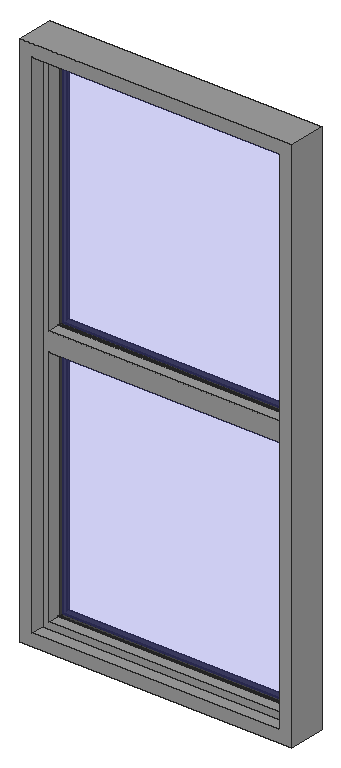
Revit family "SS_5_LAP FX004_v02", category Windows, host Wall, Revit 2015
Parameters
  Wall Thickness [instance] = 0' - 6"
  URL = "obe.com"
  Transom Height = 3' - 0"
  Rough Width = Width + 0' 0 1/2"  # 3' - 0 1/2"
  Rough Height = Height + 0' 0 1/2"  # 6' - 0 1/2"
  Offset Limitation [instance] = if((Offset + 0' 5") > Wall Thickness, (Wall Thickness - 0' 5"), Offset)  # 0' - 0"
  Offset [instance] = 0' - 0"
  Model = "SS_5_LAP FX004"
  Manufacturer = "Oldcastle BuildingEnvelope®"
  Keynote = "08 51 00"
  Height = Fixed Height + Transom Height  # 6' - 0"
  Glass Material = Glass
  Gasket Material = Gasket
  Frame Material = Aluminum
  Fixed Height = 3' - 0"
  Description = "SIGNATURE SERIES 5 LAP"
  Default Sill Height = 3' - 0"
  Wall Closure = By host
  Width = 3' - 0"
  Assembly Code = "B2020"
  Analytic Construction = "<None>"
Reference planes (in)
  plane 1 "Center (Front/Back)": y = 0
  plane 2: z = 0
  plane 3 "Center (Left/Right)": x = 0
  plane 4 "Left": x = -18.25
  plane 5 "Right": x = 18.25
  plane 6 "Sill": z = 36
  plane 7 "Top": z = 108.5
  plane 8 "Offset": y = 3
  plane 9: x = 18
  plane 10: z = 108.25
  plane 11: x = -18
  plane 12: z = 36.25
  plane 13 "Center": z = 72.25
  plane 14: z = 71.625
  plane 15: z = 37.875
  plane 16: z = 106.625
  plane 17: z = 72.875
Forms (in)
  Sweep 1, solid, material "Aluminum" <- "Frame Material"
    path origin (0, 3, 0) x (1, 0, 0) y (0, 0, 1)
      loop
        line (18, 108.5) -> (18, 36)
    profile origin (18, 3, 72.25) x (0, -1, 0) y (1, 0, 0)
      loop
        line (0, 0.25) -> (0, -2.25) -> (0.174, -2.25) -> (0.174, -1.625) -> (1.499, -1.625) -> (1.499, -2.25006) -> (3.24091, -2.25006) -> (3.24091, -1.375) -> (5.00003, -1.375) -> (5.00003, 0.25) -> (0, 0.25)
  Sweep 2, solid, material "Aluminum" <- "Frame Material"
    path origin (0, 3, 0) x (-1, 0, 0) y (0, 0, 1)
      loop
        line (18, 108.5) -> (18, 36)
    profile origin (-18, 3, 72.25) x (0, -1, 0) y (1, 0, 0)
      loop
        line (0, -0.25) -> (5.00003, -0.25) -> (5.00003, 1.375) -> (3.24091, 1.375) -> (3.24091, 2.25006) -> (1.499, 2.25006) -> (1.499, 1.625) -> (0.174, 1.625) -> (0.174, 2.25) -> (0, 2.25) -> (0, -0.25)
  Sweep 3, solid, material "Aluminum" <- "Frame Material"
    path origin (0, 3, 0) x (1, 0, 0) y (0, 0, 1)
      loop
        line (18.25, 108.25) -> (-18.25, 108.25)
    profile origin (0, 3, 108.25) x (0, 0, -1) y (0, -1, 0)
      loop
        line (-0.25, 5.00003) -> (-0.25, 0) -> (2.25006, 0) -> (2.25006, 0.174) -> (1.625, 0.174) -> (1.625, 1.49897) -> (2.25006, 1.49897) -> (2.25006, 3.24091) -> (1.375, 3.24091) -> (1.375, 5.00003) -> (-0.25, 5.00003)
  Sweep 4, solid, material "Aluminum" <- "Frame Material"
    path origin (0, 3, 133.29344) x (1, 0, 0) y (0, 0, -1)
      loop
        line (18.25, 97.04344) -> (-18.25, 97.04344)
    profile origin (0, 3, 36.25) x (0, 0, -1) y (0, -1, 0)
      loop
        line (0.25, 5.00003) -> (-1.375, 5.00003) -> (-1.375, 3.24091) -> (-2.25006, 3.24091) -> (-2.25006, 1.499) -> (-1.625, 1.499) -> (-1.625, 0.174) -> (-2.25006, 0.174) -> (-2.25006, 0) -> (0.25, 0) -> (0.25, 5.00003)
  Sweep 5, solid, material "Aluminum" <- "Frame Material"
    path origin (0, 3, 0) x (1, 0, 0) y (0, 0, 1)
      loop
        line (18.25, 72.25) -> (-18.25, 72.25)
    profile origin (0, 3, 72.25) x (0, 0, -1) y (0, -1, 0)
      loop
        line (-1.25, 0) -> (1.25, 0) -> (1.25, 0.17397) -> (0.625, 0.17397) -> (0.625, 1.49948) -> (1.25006, 1.49948) -> (1.25006, 3.24091) -> (-1.25, 3.24091) -> (-1.25, 1.49948) -> (-0.625, 1.49948) -> (-0.625, 0.17397) -> (-1.25, 0.17397) -> (-1.25, 0)
  Extrusion 6, solid, material "Glass" <- "Glass Material"
    sketch origin (0, 0, 36) x (0, -1, 0) y (1, 0, 0)
      loop
        line (-2.701, -16.375) -> (-1.701, -16.375) -> (-1.701, 16.375) -> (-2.701, 16.375) -> (-2.701, -16.375)
    from 1.875 to 35.625
  Extrusion 7, solid, material "Glass" <- "Glass Material"
    sketch origin (0, -2.25, 36) x (0, -1, 0) y (1, 0, 0)
      loop
        line (-4.951, -16.375) -> (-3.951, -16.375) -> (-3.951, 16.375) -> (-4.951, 16.375) -> (-4.951, -16.375)
    from 36.875 to 70.625
  Sweep 8, solid, material "Gasket" <- "Gasket Material", detail levels fine
    path origin (0, 3, 0) x (1, 0, 0) y (0, 0, 1)
      loop
        line (15.75, 105.99994) -> (-15.75, 105.99994) -> (-15.75, 73.5) -> (15.75, 73.5) -> (15.75, 105.99994)
    profile origin (0, 3, 105.99994) x (0, 0, -1) y (0, -1, 0)
      loop
        line (-0.34098, 0.299) -> (-0.34098, 0.174) -> (0.01378, 0.174) -> (0.01378, 0.02497) -> (0.05121, 0.03641) -> (0.15423, 0.299) -> (-0.34098, 0.299)
  Sweep 9, solid, material "Gasket" <- "Gasket Material", detail levels fine
    path origin (0, 3, -23) x (1, 0, 0) y (0, 0, 1)
      loop
        line (15.75, 94) -> (-15.75, 94) -> (-15.75, 61.50006) -> (15.75, 61.50006) -> (15.75, 94)
    profile origin (0, 3, 71) x (0, 0, -1) y (0, -1, 0)
      loop
        line (-0.34098, 0.299) -> (-0.34098, 0.174) -> (0.01378, 0.174) -> (0.01378, 0.02497) -> (0.05121, 0.03641) -> (0.15423, 0.299) -> (-0.34098, 0.299)
  Sweep 10, solid, material "Gasket" <- "Gasket Material", detail levels fine
    path origin (0, 3, 0) x (1, 0, 0) y (0, 0, 1)
      loop
        line (15.75, 105.99994) -> (-15.75, 105.99994) -> (-15.75, 73.5) -> (15.75, 73.5) -> (15.75, 105.99994)
    profile origin (0, 3, 105.99994) x (0, 0, -1) y (0, -1, 0)
      loop
        line (0.12494, 1.299) -> (0.04556, 1.55864)
        arc (0.04556, 1.55864) -> (0.02751, 1.57941) -> (0, 1.57989) r 0.03383
        line (0, 1.57989) -> (0.0121, 1.49899) -> (-0.16139, 1.49899) -> (-0.23211, 1.41166) -> (-0.3223, 1.33862)
        arc (-0.3223, 1.33862) -> (-0.33387, 1.32047) -> (-0.33218, 1.299) r 0.03393
        line (-0.33218, 1.299) -> (0.12494, 1.299)
  Sweep 11, solid, material "Gasket" <- "Gasket Material", detail levels fine
    path origin (0, 3, -24) x (1, 0, 0) y (0, 0, 1)
      loop
        line (15.75, 95) -> (-15.75, 95) -> (-15.75, 62.50006) -> (15.75, 62.50006) -> (15.75, 95)
    profile origin (0, 3, 71) x (0, 0, -1) y (0, -1, 0)
      loop
        line (0.12494, 1.299) -> (0.04556, 1.55864)
        arc (0.04556, 1.55864) -> (0.02751, 1.57941) -> (0, 1.57989) r 0.03383
        line (0, 1.57989) -> (0.0121, 1.49899) -> (-0.16139, 1.49899) -> (-0.23211, 1.41166) -> (-0.3223, 1.33862)
        arc (-0.3223, 1.33862) -> (-0.33387, 1.32047) -> (-0.33218, 1.299) r 0.03393
        line (-0.33218, 1.299) -> (0.12494, 1.299)
Cuts and joins
  joined: Sweep 1, Sweep 2, Sweep 3, Sweep 4, Sweep 5
Lines and regions (in)
  Opening 1
    outline origin (-60, -3, 0) x (1, 0, 0) y (0, 0, 1)
      loop
        line (41.75, 108.5) -> (41.75, 36) -> (78.25, 36) -> (78.25, 108.5) -> (41.75, 108.5)
Text (in)
  text "EXTERIOR" at (-58.6888, 50.90694, 0), in view "Ref. Level"
  text "INTERIOR" at (-58.6888, -37.76638, 0), in view "Ref. Level"
  text "Exterior" at (0, 43.65631, 123.19604), in view "Left"
  text "Exterior" at (0, 18.29385, 125.04747), in view "Right"
  text "Min Size\n\n14\" width x 14\" height\n\n\n\nMax Size\n\n99\" x 99\"\n\n\n\nMax Area\n\n40 square feet" at (92.37004, 66.24655, 0), in view "Ref. Level"
Dimensions and locks (in)
  equal spacing: plane 4 "Left", plane 3 "Center (Left/Right)", plane 5 "Right"
  "Rough Width": plane 4 "Left" to plane 5 "Right"
  "Default Sill Height": plane 2 to plane 6 "Sill"
  "Offset Limitation": plane 8 "Offset" to host wall
  "Wall Thickness": host wall to host wall
  locked: plane 9 to plane 5 "Right" at 0.25
  locked: plane 6 "Sill" to plane 12 at 0.25
  "Fixed Height": plane 12 to plane 13 "Center"
  "Transom Height": plane 13 "Center" to plane 10
  "Rough Height": plane 6 "Sill" to plane 7 "Top"
  "Width": plane 11 to plane 9
  plane 8 "Offset" to Extrusion 6 sketch curve to Extrusion 6 sketch curve = 0' - 0.299" locked, 0' - 1" locked
  plane 17 to plane 13 "Center" to plane 14 = 0' - 0 5/8" locked, 0' - 0 5/8" locked
  locked: plane 12 to plane 15 at 1.625
  plane 8 "Offset" to Extrusion 7 sketch curve to Extrusion 7 sketch curve = 0' - 0.299" locked, 0' - 1" locked
  locked: plane 10 to plane 16 at 1.625
  aligned and locked: plane 7 "Top" to Opening 1 sketch curve
  aligned and locked: plane 6 "Sill" to Opening 1 sketch curve  (x2)
  aligned and locked: plane 5 "Right" to Opening 1 sketch curve
  aligned and locked: plane 4 "Left" to Opening 1 sketch curve
  aligned and locked: level to plane 2
  aligned and locked: nested 2 to plane 12
  aligned and locked: plane 6 "Sill" to Sweep 1 sketch curve
  aligned and locked: Sweep 1 sketch curve to plane 9
  aligned and locked: plane 7 "Top" to Sweep 1 sketch curve
  aligned and locked: plane 7 "Top" to Sweep 2 sketch curve
  aligned and locked: Sweep 2 sketch curve to plane 11
  aligned and locked: plane 6 "Sill" to Sweep 2 sketch curve
  aligned and locked: plane 5 "Right" to Sweep 3 sketch curve
  aligned and locked: plane 10 to Sweep 3 sketch curve
  aligned and locked: plane 4 "Left" to Sweep 3 sketch curve
  aligned and locked: plane 4 "Left" to Sweep 4 sketch curve
  aligned and locked: plane 12 to Sweep 4 sketch curve
  aligned and locked: plane 5 "Right" to Sweep 4 sketch curve
  aligned and locked: plane 5 "Right" to Sweep 5 sketch curve
  aligned and locked: plane 4 "Left" to Sweep 5 sketch curve
  aligned and locked: plane 13 "Center" to Sweep 5 sketch curve
  aligned and locked: Extrusion 6 to plane 15
  aligned and locked: plane 14 to Extrusion 6
  aligned and locked: Extrusion 7 to plane 17
  aligned and locked: plane 16 to Extrusion 7
  aligned and locked: cut or joined group of Sweep 1, Sweep 2, Sweep 3, Sweep 4, Sweep 5 to Sweep 8 sketch curve
  aligned and locked: Sweep 8 sketch curve to cut or joined group of Sweep 1, Sweep 2, Sweep 3, Sweep 4, Sweep 5  (x3)
  aligned and locked: cut or joined group of Sweep 1, Sweep 2, Sweep 3, Sweep 4, Sweep 5 to Sweep 9 sketch curve  (x2)
  aligned and locked: Sweep 9 sketch curve to cut or joined group of Sweep 1, Sweep 2, Sweep 3, Sweep 4, Sweep 5  (x2)
  aligned and locked: cut or joined group of Sweep 1, Sweep 2, Sweep 3, Sweep 4, Sweep 5 to Sweep 10 sketch curve
  aligned and locked: Sweep 10 sketch curve to cut or joined group of Sweep 1, Sweep 2, Sweep 3, Sweep 4, Sweep 5  (x3)
  aligned and locked: cut or joined group of Sweep 1, Sweep 2, Sweep 3, Sweep 4, Sweep 5 to Sweep 11 sketch curve  (x2)
  aligned and locked: Sweep 11 sketch curve to cut or joined group of Sweep 1, Sweep 2, Sweep 3, Sweep 4, Sweep 5  (x2)
  aligned and locked: nested 1 to plane 12
  aligned and locked: plane 3 "Center (Left/Right)" to nested 1
  aligned and locked: plane 8 "Offset" to nested 1
  aligned and locked: plane 3 "Center (Left/Right)" to nested 2
  aligned and locked: plane 8 "Offset" to nested 2
Automatic sketch dimensions
  plane 8 "Offset" to Sweep 1 sketch curve = 0' - 0"
  plane 8 "Offset" to Sweep 1 sketch curve = 0' - 0.174"
  Sweep 1 sketch curve to Sweep 1 sketch curve = 0' - 1.325"
  Sweep 1 sketch curve to Sweep 1 sketch curve = 0' - 1.74191"
  Sweep 1 sketch curve to profile plane = 0' - 0 1/4"
  Sweep 1 sketch curve to Sweep 1 sketch curve = 0' - 1.75912"
  profile plane to Sweep 1 sketch curve = 0' - 1 3/8"
  profile plane to Sweep 1 sketch curve = 0' - 1 5/8"
  Sweep 1 sketch curve to Sweep 1 sketch curve = 0' - 0 5/8"
  Sweep 1 sketch curve to Sweep 1 sketch curve = 0' - 0.87506"
  plane 8 "Offset" to Sweep 2 sketch curve = 0' - 0"
  plane 8 "Offset" to Sweep 2 sketch curve = 0' - 0.174"
  Sweep 2 sketch curve to Sweep 2 sketch curve = 0' - 1.325"
  Sweep 2 sketch curve to Sweep 2 sketch curve = 0' - 1.74191"
  profile plane to Sweep 2 sketch curve = 0' - 0 1/4"
  Sweep 2 sketch curve to Sweep 2 sketch curve = 0' - 1.75912"
  Sweep 2 sketch curve to profile plane = 0' - 1 3/8"
  Sweep 2 sketch curve to profile plane = 0' - 1 5/8"
  Sweep 2 sketch curve to Sweep 2 sketch curve = 0' - 0 5/8"
  Sweep 2 sketch curve to Sweep 2 sketch curve = 0' - 0.62506"
  Sweep 3 sketch curve to plane 8 "Offset" = 0' - 0"
  profile plane to Sweep 3 sketch curve = 0' - 0 1/4"
  Sweep 3 sketch curve to profile plane = 0' - 1 3/8"
  plane 8 "Offset" to Sweep 3 sketch curve = 0' - 0.174"
  Sweep 3 sketch curve to profile plane = 0' - 1 5/8"
  Sweep 3 sketch curve to Sweep 3 sketch curve = 0' - 0.87506"
  Sweep 3 sketch curve to Sweep 3 sketch curve = 0' - 0.62506"
  Sweep 3 sketch curve to Sweep 3 sketch curve = 0' - 1.32498"
  Sweep 3 sketch curve to Sweep 3 sketch curve = 0' - 1.74194"
  Sweep 3 sketch curve to Sweep 3 sketch curve = 0' - 1.75912"
  Sweep 4 sketch curve to plane 8 "Offset" = 0' - 0"
  profile plane to Sweep 4 sketch curve = 0' - 2.25006"  (x2)
  plane 8 "Offset" to Sweep 4 sketch curve = 0' - 0.174"
  Sweep 4 sketch curve to Sweep 4 sketch curve = 0' - 0.62506"
  profile plane to Sweep 4 sketch curve = 0' - 1 3/8"
  Sweep 4 sketch curve to profile plane = 0' - 0 1/4"
  Sweep 4 sketch curve to Sweep 4 sketch curve = 0' - 1.325"
  Sweep 4 sketch curve to Sweep 4 sketch curve = 0' - 1.74191"
  Sweep 4 sketch curve to Sweep 4 sketch curve = 0' - 1.75912"
  Sweep 5 sketch curve to plane 8 "Offset" = 0' - 0"
  profile plane to Sweep 5 sketch curve = 0' - 1 1/4"  (x2)
  Sweep 5 sketch curve to Sweep 5 sketch curve = 0' - 0 5/8"  (x2)
  plane 8 "Offset" to Sweep 5 sketch curve = 0' - 0.17397"
  Sweep 5 sketch curve to profile plane = 0' - 0 5/8"
  Sweep 5 sketch curve to Sweep 5 sketch curve = 0' - 0.62506"
  Sweep 5 sketch curve to Sweep 5 sketch curve = 0' - 0.17397"
  Sweep 5 sketch curve to Sweep 5 sketch curve = 0' - 1.32552"
  Sweep 5 sketch curve to Sweep 5 sketch curve = 0' - 0"
  Sweep 5 sketch curve to Sweep 5 sketch curve = 0' - 1.74143"
  Extrusion 6 sketch curve to plane 11 = 0' - 1 5/8"
  plane 9 to Extrusion 6 sketch curve = 0' - 1 5/8"
  Extrusion 7 sketch curve to plane 11 = 0' - 1 5/8"
  plane 9 to Extrusion 7 sketch curve = 0' - 1 5/8"
  profile plane to Sweep 8 sketch curve = 0' - 0.34098"
  Sweep 8 sketch curve to profile plane = 0' - 0.01378"
  Sweep 8 sketch curve to Sweep 8 sketch curve = 0' - 0.03743"
  Sweep 8 sketch curve to profile plane = 0' - 0.15423"
  plane 8 "Offset" to Sweep 8 sketch curve = 0' - 0.02497"
  plane 8 "Offset" to Sweep 8 sketch curve = 0' - 0.03641"
  plane 8 "Offset" to Sweep 8 sketch curve = 0' - 0.174"
  Sweep 8 sketch curve to Sweep 8 sketch curve = 0' - 0 1/8"
  profile plane to Sweep 9 sketch curve = 0' - 0.34098"
  Sweep 9 sketch curve to profile plane = 0' - 0.01378"
  Sweep 9 sketch curve to Sweep 9 sketch curve = 0' - 0.03743"
  Sweep 9 sketch curve to profile plane = 0' - 0.15423"
  plane 8 "Offset" to Sweep 9 sketch curve = 0' - 0.02497"
  plane 8 "Offset" to Sweep 9 sketch curve = 0' - 0.03641"
  plane 8 "Offset" to Sweep 9 sketch curve = 0' - 0.174"
  Sweep 9 sketch curve to Sweep 9 sketch curve = 0' - 0 1/8"
  Sweep 10 sketch curve to profile plane = 0' - 0"
  profile plane to Sweep 10 sketch curve = 0' - 0.16139"
  Sweep 10 sketch curve to Sweep 10 sketch curve = 0' - 0.07072"
  Sweep 10 sketch curve to Sweep 10 sketch curve = 0' - 0.06884"
  Sweep 10 sketch curve to Sweep 10 sketch curve = 0' - 0.02135"
  Sweep 10 sketch curve to Sweep 10 sketch curve = 0' - 0 1/32"
  Sweep 10 sketch curve to profile plane = 0' - 0.0121"
  Sweep 10 sketch curve to profile plane = 0' - 0.01322"
  Sweep 10 sketch curve to Sweep 10 sketch curve = 0' - 0.03235"
  Sweep 10 sketch curve to profile plane = 0' - 0.12494"
  plane 8 "Offset" to Sweep 10 sketch curve = 0' - 1.299"
  Sweep 10 sketch curve to Sweep 10 sketch curve = 0' - 0.01326"
  Sweep 10 sketch curve to Sweep 10 sketch curve = 0' - 0.07303"
  Sweep 10 sketch curve to Sweep 10 sketch curve = 0' - 0.19999"
  Sweep 10 sketch curve to Sweep 10 sketch curve = 0' - 0.04976"
  Sweep 10 sketch curve to Sweep 10 sketch curve = 0' - 0.00989"
  Sweep 11 sketch curve to profile plane = 0' - 0"
  profile plane to Sweep 11 sketch curve = 0' - 0.16139"
  Sweep 11 sketch curve to Sweep 11 sketch curve = 0' - 0.07072"
  Sweep 11 sketch curve to Sweep 11 sketch curve = 0' - 0.06884"
  Sweep 11 sketch curve to Sweep 11 sketch curve = 0' - 0.02135"
  Sweep 11 sketch curve to Sweep 11 sketch curve = 0' - 0 1/32"
  Sweep 11 sketch curve to profile plane = 0' - 0.0121"
  Sweep 11 sketch curve to profile plane = 0' - 0.01322"
  Sweep 11 sketch curve to Sweep 11 sketch curve = 0' - 0.03235"
  Sweep 11 sketch curve to profile plane = 0' - 0.12494"
  plane 8 "Offset" to Sweep 11 sketch curve = 0' - 1.299"
  Sweep 11 sketch curve to Sweep 11 sketch curve = 0' - 0.01326"
  Sweep 11 sketch curve to Sweep 11 sketch curve = 0' - 0.07303"
  Sweep 11 sketch curve to Sweep 11 sketch curve = 0' - 0.19999"
  Sweep 11 sketch curve to Sweep 11 sketch curve = 0' - 0.04976"
  Sweep 11 sketch curve to Sweep 11 sketch curve = 0' - 0.00989"
Nested families (in)
  nested 1: "S-5000 LAP-Plan View" at (0, 3, 0.25), Default Sill Height <- "Default Sill Height", Height <- "Height", Width <- "Width", type "S-5000 LAP-Plan View"
    with Width 3' - 0", Height 6' - 0", Default Sill Height 3' - 0"
  nested 2: "S-5000 LAP-Section Fixed" at (0, 3, 0.25), Default Sill Height <- "Default Sill Height", Fixed Height <- "Fixed Height", Transom Height <- "Transom Height", Width <- "Width", type "S-5000 LAP-Section Fixed"
    with Width 3' - 0", Transom Height 3' - 0", Fixed Height 3' - 0", Default Sill Height 3' - 0"
Definition of nested family "S-5000 LAP-Plan View"
  Parameters (values of type "S-5000 LAP-Plan View")
    Width [instance] = 2' - 0"
    Height [instance] = 4' - 0"
    Default Sill Height [instance] = 3' - 0"
    Analytic Construction = "<None>"
  Reference planes (in)
    plane 1 "Center (Front/Back)": y = 0
    plane 2: z = 0
    plane 3 "Center (Left/Right)": x = 0
    plane 4: z = 36
  Lines and regions (in)
    model lines, not visible
      curve 1: line (0, 0, 84) -> (0, 0, 36)
  Dimensions and locks (in)
    "Default Sill Height": plane 4 to plane 2
    "Height": curve 1 to plane 4
    aligned and locked: plane 2 to level
    aligned and locked: plane 3 "Center (Left/Right)" to nested 1
    aligned and locked: plane 1 "Center (Front/Back)" to nested 1
    aligned and locked: plane 4 to curve 1
    aligned and locked: curve 1 to plane 1 "Center (Front/Back)"
  Nested families (in)
    nested 1: "S-5000 LAP-Plan View" at (-12, 0, 0), Width <- "Width", type "S-5000 LAP-Plan View"
      with Width 2' - 0"
  Definition of nested family "S-5000 LAP-Plan View"
    Parameters (values of type "S-5000 LAP-Plan View")
      Width [instance] = 2' - 0"
    Reference planes (in)
      plane 1 "Center (Front/Back)": y = 0
      plane 2: z = 0
      plane 3 "C": x = 0
      plane 4: x = 24
      plane 5: x = 22.375
      plane 6: x = 1.625
      plane 7 "Center (Left/Right)": x = 12
    Lines and regions (in)
      detail lines, in view "Ref. Level"
        curve 1: line (1.625, -0.299, 0) -> (22.375, -0.299, 0)
        curve 2: line (1.625, -1.299, 0) -> (22.375, -1.299, 0)
    Dimensions and locks (in)
      "Width": plane 3 "C" to plane 4
      locked: plane 3 "C" to plane 6 at 1.625
      locked: plane 5 to plane 4 at 1.625
      equal spacing: plane 3 "C", plane 7 "Center (Left/Right)", plane 4
      aligned and locked: nested 2 to plane 3 "C"
      aligned and locked: nested 1 to plane 4
      aligned and locked: nested 1 to plane 1 "Center (Front/Back)"
      aligned and locked: nested 2 to plane 1 "Center (Front/Back)"
      aligned and locked: plane 6 to curve 1
      aligned and locked: plane 6 to curve 2
      aligned and locked: plane 5 to curve 1
      aligned and locked: plane 5 to curve 2
    Automatic sketch dimensions
      plane 1 "Center (Front/Back)" to curve 2 = 0' - 1.299"
      plane 1 "Center (Front/Back)" to curve 1 = 0' - 0.299"
    Nested families (in)
      nested 1: "S-5000 LAP-JAMB L" at (24, 0, 0) x (-1, 0, 0) z (0, 0, 1), type "S-5000 LAP-JAMB L", in view "Ref. Level"
      nested 2: "S-5000 LAP-JAMB R" at (0, 0, 0) x (-1, 0, 0) z (0, 0, 1), type "S-5000 LAP-JAMB R", in view "Ref. Level"
    Definition of nested family "S-5000 LAP-JAMB L"
      Reference planes (in)
        plane 1 "Center (Front/Back)": y = 0
        plane 2: z = 0
        plane 3 "Center (Left/Right)": x = 0
      Lines and regions (in)
        detail lines, in view "Ref. Level"
          curve 1: line (1.375, 5.00003, 0) -> (-0.25, 5.00003, 0)
          curve 2: line (-0.25, 5.00003, 0) -> (-0.25, 4.92003, 0)
          curve 3: line (-0.25, 4.92003, 0) -> (-0.25, 4.55254, 0)
          curve 4: line (-0.25, 4.55254, 0) -> (-0.25, 3.27003, 0)
          curve 5: line (-0.25, 3.27003, 0) -> (-0.25, 2.89368, 0)
          curve 6: line (-0.25, 2.89368, 0) -> (-0.25, 2.45303, 0)
          curve 7: line (-0.25, 2.45303, 0) -> (-0.25, 0.79697, 0)
          curve 8: line (-0.25, 0.79697, 0) -> (-0.25, 0.20716, 0)
          curve 9: line (-0.25, 0.20716, 0) -> (-0.25, 0.08, 0)
          curve 10: line (-0.25, 0.08, 0) -> (-0.25, 0, 0)
          curve 11: line (-0.25, 0, 0) -> (2.25, 0, 0)
          curve 12: line (2.25, 0, 0) -> (2.25, 0.299, 0)
          curve 13: line (2.25, 0.299, 0) -> (1.625, 0.299, 0)
          curve 14: line (1.625, 0.299, 0) -> (1.625, 1.299, 0)
          curve 15: line (1.625, 1.299, 0) -> (2.25006, 1.299, 0)
          curve 16: line (2.25006, 1.299, 0) -> (2.25006, 3.24091, 0)
          curve 17: line (2.25006, 3.24091, 0) -> (1.375, 3.24091, 0)
          curve 18: line (1.375, 3.24091, 0) -> (1.375, 5.00003, 0)
    Definition of nested family "S-5000 LAP-JAMB R"
      Reference planes (in)
        plane 1 "Center (Front/Back)": y = 0
        plane 2: z = 0
        plane 3 "Center (Left/Right)": x = 0
      Lines and regions (in)
        detail lines, in view "Ref. Level"
          curve 1: line (-1.375, 5.00003, 0) -> (0.25, 5.00003, 0)
          curve 2: line (0.25, 5.00003, 0) -> (0.25, 4.92003, 0)
          curve 3: line (0.25, 4.92003, 0) -> (0.25, 4.55254, 0)
          curve 4: line (0.25, 4.55254, 0) -> (0.25, 3.27003, 0)
          curve 5: line (0.25, 3.27003, 0) -> (0.25, 2.89368, 0)
          curve 6: line (0.25, 2.89368, 0) -> (0.25, 2.45303, 0)
          curve 7: line (0.25, 2.45303, 0) -> (0.25, 0.79697, 0)
          curve 8: line (0.25, 0.79697, 0) -> (0.25, 0.20716, 0)
          curve 9: line (0.25, 0.20716, 0) -> (0.25, 0.08, 0)
          curve 10: line (0.25, 0.08, 0) -> (0.25, 0, 0)
          curve 11: line (0.25, 0, 0) -> (-2.25, 0, 0)
          curve 12: line (-2.25, 0, 0) -> (-2.25, 0.299, 0)
          curve 13: line (-2.25, 0.299, 0) -> (-1.625, 0.299, 0)
          curve 14: line (-1.625, 0.299, 0) -> (-1.625, 1.299, 0)
          curve 15: line (-1.625, 1.299, 0) -> (-2.25006, 1.299, 0)
          curve 16: line (-2.25006, 1.299, 0) -> (-2.25006, 3.24091, 0)
          curve 17: line (-2.25006, 3.24091, 0) -> (-1.375, 3.24091, 0)
          curve 18: line (-1.375, 3.24091, 0) -> (-1.375, 5.00003, 0)
Definition of nested family "S-5000 LAP-Section Fixed"
  Parameters (values of type "S-5000 LAP-Section Fixed")
    Width [instance] = 2' - 0"
    Transom Height [instance] = 2' - 0"
    Fixed Height [instance] = 3' - 0"
    Default Sill Height [instance] = 3' - 0"
    Analytic Construction = "<None>"
  Reference planes (in)
    plane 1 "Center (Front/Back)": y = 0
    plane 2: z = 0
    plane 3 "Center (Left/Right)": x = 0
    plane 4: z = 36
  Lines and regions (in)
    model lines, not visible
      curve 1: line (-12, 0, 0) -> (12, 0, 0)
  Dimensions and locks (in)
    equal spacing: curve 1, plane 3 "Center (Left/Right)", curve 1
    "Width": curve 1 to curve 1
    "Default Sill Height": plane 4 to plane 2
    aligned and locked: plane 2 to level
    aligned and locked: plane 1 "Center (Front/Back)" to curve 1
    aligned and locked: plane 4 to nested 1
    aligned and locked: nested 1 to plane 1 "Center (Front/Back)"
  Nested families (in)
    nested 1: "S-5000 LAP-Section Fixed" at (0, 0, 36) x (0, -1, 0) z (1, 0, 0), Fixed Height <- "Fixed Height", Transom Height <- "Transom Height", type "S-5000 LAP-Section Fixed"
      with Transom Height 2' - 0", Fixed Height 3' - 0"
  Definition of nested family "S-5000 LAP-Section Fixed"
    Parameters (values of type "S-5000 LAP-Section Fixed")
      Transom Height [instance] = 2' - 0"
      Fixed Height [instance] = 3' - 0"
    Reference planes (in)
      plane 1 "Center (Front/Back)": y = 0
      plane 2: z = 0
      plane 3 "Center (Left/Right)": x = 0
      plane 4: y = 60
      plane 5: y = 58.375
      plane 6: y = 1.625
      plane 7: y = 36
      plane 8: y = 36.625
      plane 9: y = 35.375
    Lines and regions (in)
      detail lines, in view "Ref. Level"
        curve 1: line (0.299, 58.375, 0) -> (0.299, 36.625, 0)
        curve 2: line (1.299, 58.375, 0) -> (1.299, 36.625, 0)
        curve 3: line (0.299, 35.375, 0) -> (0.299, 1.625, 0)
        curve 4: line (1.299, 35.375, 0) -> (1.299, 1.625, 0)
    Dimensions and locks (in)
      "Fixed Height": plane 1 "Center (Front/Back)" to plane 7
      locked: plane 6 to plane 1 "Center (Front/Back)" at 1.625
      locked: plane 4 to plane 5 at 1.625
      "Transom Height": plane 4 to plane 7
      plane 8 to plane 7 to plane 9 = 0' - 0 5/8" locked, 0' - 0 5/8" locked
      aligned and locked: nested 1 to plane 4
      aligned and locked: plane 3 "Center (Left/Right)" to nested 1
      aligned and locked: nested 2 to plane 7
      aligned and locked: plane 3 "Center (Left/Right)" to nested 2
      aligned and locked: plane 1 "Center (Front/Back)" to nested 3
      aligned and locked: plane 3 "Center (Left/Right)" to nested 3
      aligned and locked: plane 5 to curve 2
      aligned and locked: plane 5 to curve 1
      aligned and locked: plane 8 to curve 1
      aligned and locked: plane 8 to curve 2
      aligned and locked: plane 9 to curve 4
      aligned and locked: plane 9 to curve 3
      aligned and locked: plane 6 to curve 4
      aligned and locked: plane 6 to curve 3
    Automatic sketch dimensions
      plane 3 "Center (Left/Right)" to curve 1 = 0' - 0.299"
      plane 3 "Center (Left/Right)" to curve 3 = 0' - 0.299"
      curve 1 to curve 2 = 0' - 1"
      curve 3 to curve 4 = 0' - 1"
    Nested families (in)
      nested 1: "S-5000 LAP-HEAD" at (0, 60, 0), type "S-5000 LAP-HEAD", in view "Ref. Level"
      nested 2: "S-5000 LAP-HORIZ" at (0, 36, 0), type "S-5000 LAP-HORIZ", in view "Ref. Level"
      nested 3: "S-5000 LAP-SILL" at (0, 0, 0), type "S-5000 LAP-SILL", in view "Ref. Level"
    Definition of nested family "S-5000 LAP-HEAD"
      Reference planes (in)
        plane 1 "Center (Front/Back)": y = 0
        plane 2: z = 0
        plane 3 "Center (Left/Right)": x = 0
      Lines and regions (in)
        detail lines, in view "Ref. Level"
          curve 1: line (4.72928, 0.25, 0) -> (2.89368, 0.25, 0)
          curve 2: line (2.89368, 0.25003, 0) -> (2.45303, 0.25003, 0)
          curve 3: line (2.45303, 0.25003, 0) -> (0.79697, 0.25003, 0)
          curve 4: line (0.79697, 0.25, 0) -> (0.20716, 0.25, 0)
          curve 5: line (0.20716, 0.25, 0) -> (0.08, 0.25, 0)
          curve 6: line (0.08, 0.25, 0) -> (0, 0.25, 0)
          curve 7: line (0, 0.25, 0) -> (0, -2.25006, 0)
          curve 8: line (0, -2.25006, 0) -> (0.299, -2.25006, 0)
          curve 9: line (0.299, -2.25006, 0) -> (0.299, -1.625, 0)
          curve 10: line (0.299, -1.625, 0) -> (1.299, -1.625, 0)
          curve 11: line (1.299, -1.625, 0) -> (1.299, -2.25006, 0)
          curve 12: line (1.299, -2.25006, 0) -> (3.24091, -2.25006, 0)
          curve 13: line (3.24091, -2.25006, 0) -> (3.24091, -1.375, 0)
          curve 14: line (3.24091, -1.375, 0) -> (5.00003, -1.375, 0)
          curve 15: line (5.00003, -1.375, 0) -> (5.00003, 0.25, 0)
          curve 16: line (5.00003, 0.25, 0) -> (4.92003, 0.25, 0)
          curve 17: line (4.92003, 0.25, 0) -> (4.85645, 0.25, 0)
          curve 18: line (4.85645, 0.25, 0) -> (4.79287, 0.25, 0)
    Definition of nested family "S-5000 LAP-HORIZ"
      Reference planes (in)
        plane 1 "Center (Front/Back)": y = 0
        plane 2: z = 0
        plane 3 "Center (Left/Right)": x = 0
      Lines and regions (in)
        detail lines, in view "Ref. Level"
          curve 1: line (1.299, 1.25, 0) -> (3.24091, 1.25, 0)
          curve 2: line (3.24091, 1.25, 0) -> (3.24091, -1.25006, 0)
          curve 3: line (3.24091, -1.25006, 0) -> (1.299, -1.25006, 0)
          curve 4: line (1.299, -1.25006, 0) -> (1.299, -0.625, 0)
          curve 5: line (1.299, -0.625, 0) -> (0.299, -0.625, 0)
          curve 6: line (0.299, -0.625, 0) -> (0.299, -1.25, 0)
          curve 7: line (0.299, -1.25, 0) -> (0, -1.25, 0)
          curve 8: line (0, -1.25, 0) -> (0, 1.25, 0)
          curve 9: line (0, 1.25, 0) -> (0.299, 1.25, 0)
          curve 10: line (0.299, 1.25, 0) -> (0.299, 0.625, 0)
          curve 11: line (0.299, 0.625, 0) -> (1.299, 0.625, 0)
          curve 12: line (1.299, 0.625, 0) -> (1.299, 1.25, 0)
    Definition of nested family "S-5000 LAP-SILL"
      Reference planes (in)
        plane 1 "Center (Front/Back)": y = 0
        plane 2: z = 0
        plane 3 "Center (Left/Right)": x = 0
      Lines and regions (in)
        detail lines, in view "Ref. Level"
          curve 1: line (5.00003, 1.375, 0) -> (3.24074, 1.375, 0)
          curve 2: line (3.24074, 1.375, 0) -> (3.24074, 2.25, 0)
          curve 3: line (3.24074, 2.25, 0) -> (1.299, 2.25, 0)
          curve 4: line (1.299, 2.25, 0) -> (1.299, 1.625, 0)
          curve 5: line (1.299, 1.625, 0) -> (0.299, 1.625, 0)
          curve 6: line (0.299, 1.625, 0) -> (0.299, 2.25, 0)
          curve 7: line (0.299, 2.25, 0) -> (0, 2.25, 0)
          curve 8: line (0, 2.25, 0) -> (0, -0.25, 0)
          curve 9: line (0, -0.25, 0) -> (0.08, -0.25, 0)
          curve 10: line (0.08, -0.25, 0) -> (0.20716, -0.25, 0)
          curve 11: line (0.20716, -0.25, 0) -> (0.79697, -0.25, 0)
          curve 12: line (0.79697, -0.25, 0) -> (2.37303, -0.25, 0)
          curve 13: line (2.37303, -0.25, 0) -> (2.45303, -0.25, 0)
          curve 14: line (2.45303, -0.25, 0) -> (2.87501, -0.25, 0)
          curve 15: line (2.87501, -0.25, 0) -> (3.27003, -0.25, 0)
          curve 16: line (3.27003, -0.25, 0) -> (4.31284, -0.25, 0)
          curve 17: line (4.31284, -0.25, 0) -> (4.79287, -0.25, 0)
          curve 18: line (4.79287, -0.25, 0) -> (4.92003, -0.25, 0)
          curve 19: line (4.92003, -0.25, 0) -> (5.00003, -0.25, 0)
          curve 20: line (5.00003, -0.25, 0) -> (5.00003, 1.375, 0)
